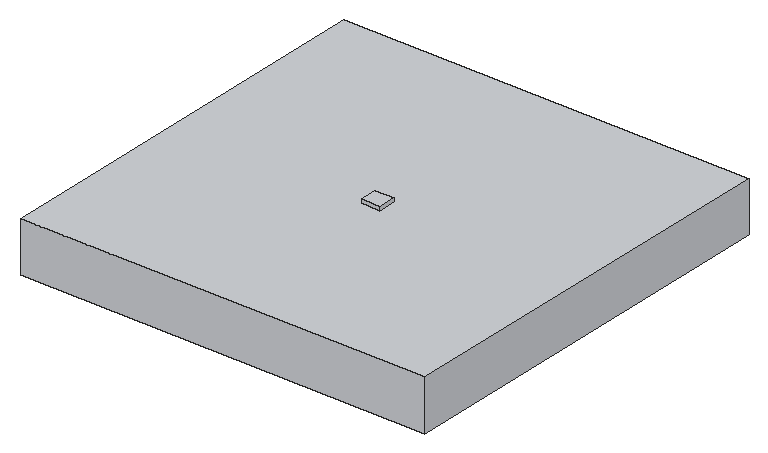
Revit family "M_Termostato", category Iluminação elétrica, Revit 2019
Family settings
  Hospedeiro = Face
  Manter orientação da anotação = Sim
  Cota do conector redondo = Utilizar diâmetro
  Tipo de parte = Normal
  Número OmniClass = 23.85.80.11.24
  Título OmniClass = Environmental Controls
  ID de item do Seek = Thermostat-0000-CAN-ENU
  Corte com vazios quando carregada = Não
  Compartilhado = Não
  Ponto de cálculo do ambiente = Não
Parameters (values of type "Padrão")
  Largura = 102 mm
  Comprimento = 111 mm
  Legenda = "T"
  Altura = 22 mm
  Material do termostato = none
  Elevação-padrão = 1200 mm
Reference planes
  plane 1 "Centro (Frente/Trás)": y = 0
  plane 2: z = 0
  plane 3 "Centro (Esquerda/Direita)": x = 0
  plane 4: y = -102
  plane 5: x = -55.5
  plane 6: x = 55.5
  plane 7: z = 22
Forms (mm)
  Extrusion 1, solid
    sketch origin (0, 0, 0) x (1, 0, 0) y (0, 1, 0)
      loop
        line (-1219.2, 1219.2) -> (-1219.2, -1219.2) -> (1219.2, -1219.2) -> (1219.2, 1219.2) -> (-1219.2, 1219.2)
    from 0 to -304.8
  Extrusion 2, solid, material <- "Material do termostato"
    sketch origin (0, 0, 0) x (1, 0, 0) y (0, 0, 1)
      loop
        line (-55.5, 22) -> (-55.5, 0) -> (55.5, 0) -> (55.5, 22) -> (-55.5, 22)
    from 0 to 102
Lines and regions (mm)
  symbolic lines, detail levels fine
    curve 1: line (55.5, 0, 22) -> (-55.5, 0, 22)
    curve 2: line (55.5, 0, 0) -> (55.5, 0, 22)
    curve 3: line (-55.5, 0, 22) -> (-55.5, 0, 0)
    curve 4: line (-55.5, 0, 0) -> (55.5, 0, 0)
Dimensions and locks
  equal spacing: plane 5, plane 3 "Centro (Esquerda/Direita)", plane 6
  "Comprimento": plane 5 to plane 6
  "Largura": plane 4 to plane 1 "Centro (Frente/Trás)"
  "Altura": plane 7 to plane 2
  aligned and locked: plane 2 to Extrusion 1
  aligned and locked: level to Extrusion 1
  aligned and locked: plane 1 "Centro (Frente/Trás)" to nested 1
  aligned and locked: plane 3 "Centro (Esquerda/Direita)" to nested 1
  aligned and locked: plane 5 to Extrusion 2 sketch curve
  aligned and locked: Extrusion 2 sketch curve to plane 7
  aligned and locked: level to Extrusion 2 sketch curve
  aligned and locked: Extrusion 2 sketch curve to plane 6
  aligned and locked: Extrusion 2 to plane 1 "Centro (Frente/Trás)"
  aligned and locked: Extrusion 2 to plane 4
  aligned and locked: curve 1 to Extrusion 2
  aligned and locked: curve 2 to Extrusion 2
  aligned and locked: curve 3 to Extrusion 2
  aligned and locked: curve 4 to Extrusion 2
Automatic sketch dimensions
  Extrusion 1 sketch curve to Extrusion 1 sketch curve = 2438.4 mm  (x2)
  Extrusion 2 sketch curve to plane 6 = 0 mm
Nested families
  nested 1: "M_Anotação de termostato" at (0, 0, 0), type "Anotação do termostato", detail levels coarse+medium
Connectors
  electrical at (0, 0, 11)
    settings: on Extrusion 2, index 1, voltage 0 V, apparent load 0 VA, apparent load phase1 0 VA, apparent load phase2 0 VA, apparent load phase3 0 VA, power factor 1, load classification "Outros", number of poles 1, system type 13, power factor state 1, is connector primary yes, connector utility no, sub classification motor no, connector description ""
Definition of nested family "M_Anotação de termostato"
  Parameters
    Anotação de legenda = "T"
  Reference planes
    plane 1: y = 0
    plane 2: x = 0
  Lines and regions (mm)
    reference lines
      curve 1: line (2.381, 11.655, 0) -> (2.381, -5.386, 0)
      curve 3: line (-8.452, 2.381, 0) -> (23.298, 2.381, 0)
    detail lines
      curve 2: circle (0, 2.381, 0) r 2.381 normal (0, 0, 1)
  Text (mm)
    label "T" at (-0.94, 2.201, 0), shows "Anotação de legenda"
  Dimensions and locks
    locked: plane 2 to curve 1 at 2.381
    plane 1 to curve 3 = 2.381 mm
    radius of curve 2 = 2.381 mm
    aligned: plane 1 to curve 2
    aligned and locked: plane 2 to curve 2
    aligned and locked: curve 3 to curve 2
